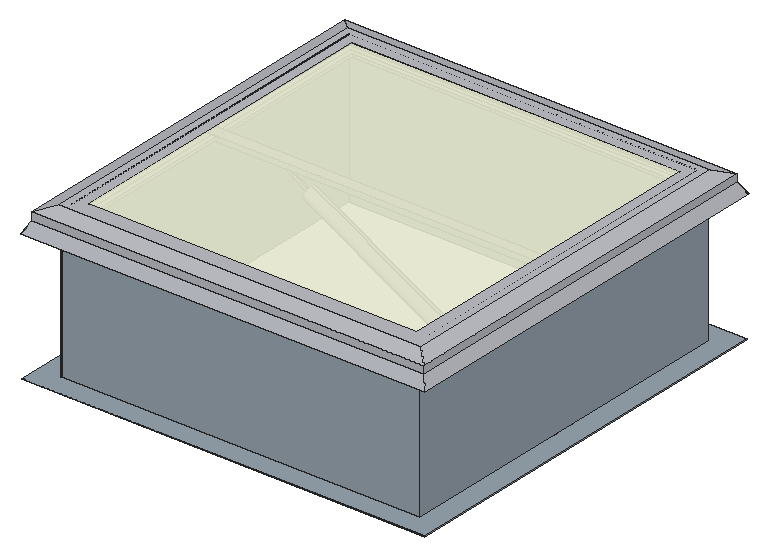
Revit family "Точечный зенитный фонарь (люк) M8CITY_П", category Окна, Revit 2017
Family settings
  Основа = Крыша
  Всегда вертикально = Нет
  При загрузке вырезать с полостями = Нет
  Общий = Нет
  Точка расчета площади = Нет
Parameters (values of type "Зенитный фонарь M8CITY Т-П-pro")
  Электронный адрес Отдела продаж [instance] = "info@m8city.by"  # constant formula
  Ширина проёма ввод = 1300 mm
  Ширина проёма = Width  # 1300 mm
  Width = if(Ширина проёма ввод < 700 mm, 700 mm, if(Ширина проёма ввод > 1700 mm, 1700 mm, Ширина проёма ввод))  # 1300 mm
  Угол открывания [instance] = 0.00°
  Угол начальный [instance] = Угол открывания - 90.00°  # -90.00°
  Телефон [instance] = "+375 17 388 44 32, +7 495 946 99 02"  # constant formula
  СПЛ25 = Купол зенитного фонаря П pro : Сендвич-панель 25 мм
  СП26 = Купол зенитного фонаря П pro : СП 26 мм
  СП24 = Купол зенитного фонаря П pro : СП 24 мм
  Привод [instance] = 3
  ПП20 = Купол зенитного фонаря П pro : ПК прозрачный 20 мм
  ПП16 = Купол зенитного фонаря П pro : ПК прозрачный 16 мм
  ПМ20 = Купол зенитного фонаря П pro : ПК молочный 20 мм
  ПМ16 = Купол зенитного фонаря П pro : ПК молочный 16 мм
  Описание = "Точечный зенитный фонарь (люк) M8CITY pro с алюминиевым обрамлением сложного сечения"  # constant formula
  Купол зенитного фонаря П pro [instance] = 1
  Купол зенитного фонаря [instance] = if(Купол зенитного фонаря П pro = 1, ПМ16, if(Купол зенитного фонаря П pro = 2, ПМ20, if(Купол зенитного фонаря П pro = 3, ПП16, if(Купол зенитного фонаря П pro = 4, ПП20, if(Купол зенитного фонаря П pro = 5, СП24, if(Купол зенитного фонаря П pro = 6, СП26, if(Купол зенитного фонаря П pro = 7, СПЛ25, ПМ16)))))))  # Купол зенитного фонаря П pro : ПК молочный 16 мм
  Изготовитель = "ООО Завод М8 Сити Про"  # constant formula
  Длина проёма ввод = 1300 mm
  Длина проёма = Длина  # 1300 mm
  Длина = if(Длина проёма ввод < 700 mm, 700 mm, if(Длина проёма ввод > 1700 mm, 1700 mm, Длина проёма ввод))  # 1300 mm
  Высота основания = 500 mm
  Height = Высота основания + 73 mm  # 573 mm
  Видимость привода [instance] = and(Привод < 5, not(Привод = 2))  # yes
  Бренд [instance] = "M8CITY"  # constant formula
  URL = "www.m8city.by"
  230В [instance] = and(Привод < 5, or(Привод = 2, Привод = 4))  # no
Reference planes
  plane 1 "По центру (Вперед/Назад)": y = 0
  plane 2 "Крыша": z = 4000
  plane 3 "По центру (Влево/Вправо)": x = 0
  plane 4: x = -650
  plane 5: x = 650
  plane 6: y = 650
  plane 7: y = -650
  plane 8: z = 4152.4
  plane 9: z = 4652.4
  plane 10: z = 4725.4
  plane 11: z = 4622.4
  plane 12: z = 4932.4
  plane 13: x = -655
  plane 14: y = -655
  plane 15: x = 655
  plane 16: y = 655
  plane 17 "Ось петель": z = 4653.4
  plane 18: x = 715
Forms (mm)
  Extrusion 1, solid, material "Сталь", detail levels coarse
    sketch origin (0, 0, 4000) x (1, 0, 0) y (0, 1, 0)
      loop
        line (-655, 655) -> (-655, -655) -> (655, -655) -> (655, 655) -> (-655, 655)
    from 152.4 to 652.4
  Sweep 2, solid, material "Сталь", detail levels medium+fine
    path origin (0, 0, 4000) x (1, 0, 0) y (0, 1, 0)
      loop
        line (-650, 650) -> (-650, -650) -> (650, -650) -> (650, 650) -> (-650, 650)
    profile origin (0, 650, 4000) x (0, 1, 0) y (0, 0, 1)
      loop
        line (0, 152.4) -> (80, 152.4) -> (80, 153.9) -> (1.5, 153.9) -> (1.5, 650.9) -> (63.5, 650.9) -> (63.5, 632.4) -> (65, 632.4) -> (65, 652.4) -> (0, 652.4) -> (0, 152.4)
  Extrusion 3, void, detail levels coarse
    sketch origin (0, 0, 4000) x (1, 0, 0) y (0, 1, 0)
      loop
        line (-650, 650) -> (-650, -650) -> (650, -650) -> (650, 650) -> (-650, 650)
    from 152.4 to 652.4
  Revolve 4, solid, not visible
    sketch origin (0, 0, 4653.4) x (-1, 0, 0) y (0, -1, 0)
      loop
        line (-650, -33.736) -> (-650, 36.264) -> (-670, 36.264) -> (-670, -33.736) -> (-650, -33.736)
      axis (-650, 36.264) -> (-650, -33.736)
    angle from -90 <- "Угол начальный" to 0 <- "Угол открывания"
  Extrusion 5, solid, material "Алюминий", detail levels coarse
    sketch origin (0, 0, 4000) x (1, 0, 0) y (0, 1, 0)
      loop
        line (-730, 730) -> (-730, -730) -> (730, -730) -> (730, 730) -> (-730, 730)
    from 652.4 to 710.721
Cuts and joins
  Extrusion 3 cuts Extrusion 1
  Extrusion 3 cuts Sweep 2
Lines and regions (mm)
  Opening 1
    outline origin (0, 0, 4152.4) x (0, 1, 0) y (-1, 0, 0)
      loop
        line (650, 650) -> (-650, 650) -> (-650, -650) -> (650, -650) -> (650, 650)
Dimensions and locks
  equal spacing: host sketch curve, plane 3 "По центру (Влево/Вправо)", host sketch curve
  equal spacing: host sketch curve, plane 1 "По центру (Вперед/Назад)", host sketch curve
  equal spacing: plane 4, plane 3 "По центру (Влево/Вправо)", plane 5
  equal spacing: plane 6, plane 1 "По центру (Вперед/Назад)", plane 7
  "Ширина проёма": plane 4 to plane 5
  "Длина проёма": plane 6 to plane 7
  "Высота основания": plane 9 to plane 8
  "Height": plane 10 to host roof
  plane 10 to plane 9 = 73 mm
  locked: plane 9 to plane 11 at 30
  locked: plane 12 to plane 9 at 280
  plane 12 to plane 9 = 280 mm
  locked: plane 16 to plane 6 at 5
  locked: plane 5 to plane 15 at 5
  locked: plane 7 to plane 14 at 5
  locked: plane 13 to plane 4 at 5
  locked: plane 4 to nested 1 at 30
  locked: plane 9 to nested 1 at 17.5
  locked: plane 17 "Ось петель" to plane 9 at 1
  locked: plane 15 to plane 18 at 60
  Extrusion 5 sketch curve to plane 4 = 80 mm
  Extrusion 5 sketch curve to plane 6 = 80 mm
  locked: plane 5 to Extrusion 5 sketch curve at 80
  locked: plane 7 to Extrusion 5 sketch curve at 80
  locked: Extrusion 5 to Extrusion 5 at 58.321
  aligned and locked: level to plane 2 "Крыша"
  aligned and locked: plane 8 to host roof
  aligned and locked: Extrusion 1 to plane 8
  aligned and locked: plane 9 to Extrusion 1
  aligned and locked: Opening 1 sketch curve to plane 6
  aligned and locked: Opening 1 sketch curve to plane 5
  aligned and locked: Opening 1 sketch curve to plane 7
  aligned and locked: Opening 1 sketch curve to plane 4
  aligned and locked: Sweep 2 sketch curve to plane 6
  aligned and locked: Sweep 2 sketch curve to plane 5
  aligned and locked: Sweep 2 sketch curve to plane 7
  aligned and locked: Sweep 2 sketch curve to plane 4
  aligned and locked: Sweep 2 to plane 8
  aligned and locked: plane 9 to Sweep 2
  aligned and locked: Extrusion 1 sketch curve to plane 13
  aligned and locked: Extrusion 1 sketch curve to plane 16
  aligned and locked: Extrusion 1 sketch curve to plane 14
  aligned and locked: Extrusion 1 sketch curve to plane 15
  aligned and locked: Extrusion 3 sketch curve to plane 4
  aligned and locked: Extrusion 3 sketch curve to plane 7
  aligned and locked: Extrusion 3 sketch curve to plane 6
  aligned and locked: Extrusion 3 sketch curve to plane 5
  aligned and locked: cut or joined group of Extrusion 1, Extrusion 3 to plane 8
  aligned and locked: plane 9 to cut or joined group of Extrusion 1, Extrusion 3
  aligned and locked: plane 1 "По центру (Вперед/Назад)" to nested 1
  aligned and locked: Revolve 4 sketch curve to host roof
  aligned and locked: plane 3 "По центру (Влево/Вправо)" to nested 2
  aligned and locked: nested 2 to plane 1 "По центру (Вперед/Назад)"
  aligned and locked: nested 2 to plane 8
  aligned and locked: Extrusion 5 to plane 9
  aligned and locked: nested 3 to plane 1 "По центру (Вперед/Назад)"
  aligned and locked: nested 3 to plane 3 "По центру (Влево/Вправо)"
Automatic sketch dimensions
  Revolve 4 sketch curve to plane 5 = 0 mm
  Revolve 4 sketch curve to plane 6 = 0 mm
  Revolve 4 sketch curve to plane 7 = 0 mm
  plane 15 to Revolve 4 sketch curve = 15 mm
  Revolve 4 sketch curve to plane 1 "По центру (Вперед/Назад)" = 33.736 mm
  plane 1 "По центру (Вперед/Назад)" to Revolve 4 sketch curve = 36.264 mm
  Sweep 2 sketch curve to profile plane = 0 mm
  Sweep 2 sketch curve to profile plane = 1.5 mm
  Sweep 2 sketch curve to profile plane = 63.5 mm
  Sweep 2 sketch curve to Sweep 2 sketch curve = 1.5 mm  (x3)
  Sweep 2 sketch curve to Sweep 2 sketch curve = 78.5 mm
  level to Sweep 2 sketch curve = 152.4 mm
  Sweep 2 sketch curve to Sweep 2 sketch curve = 478.5 mm
  Sweep 2 sketch curve to Sweep 2 sketch curve = 18.5 mm
Nested families
  nested 1: "Привод 230В" at (-620, 0, 4564.9), visible <- "230В", type "Привод 230В"
    with Ширина 1300 mm, Длина 1300 mm
  nested 2: "Привод" at (0, 0, 4152.4) x (0, 1, 0) z (0, 0, 1), visible <- "Видимость привода", type "Привод"
    with Ширина 1300 mm, Длина 1300 mm
  nested 3: "Купол зенитного фонаря П pro" at (0, 0, 4653.4) x (-1, 0, 0) z (0, 0, 1), type <- "Купол зенитного фонаря", type "ПК молочный 16 мм", detail levels medium+fine
    with Width 1300 mm, Длина 1300 mm
Definition of nested family "Привод 230В"
  Parameters (values of type "Привод 230В")
    Ширина = 1340 mm
    Длина = 1210.736 mm
  Reference planes
    plane 1 "По центру (Вперед/Назад)": y = 0
    plane 2: z = 0
    plane 3 "По центру (Влево/Вправо)": x = 0
    plane 4: z = 70
    plane 5: z = -615
    plane 6: z = -185
    plane 7: z = 55
    plane 8: z = -20
    plane 9: y = 45
    plane 10: y = -45
    plane 11: x = -850
    plane 12: x = -670
    plane 13: y = 605.368
    plane 14: x = 670
    plane 15: y = -605.368
  Forms (mm)
    Extrusion 1, solid
      sketch origin (0, 0, 0) x (1, 0, 0) y (0, 0, 1)
        loop
          line (0, -20) -> (0, -185) -> (90, -185) -> (90, -65) -> (69.016, -20) -> (0, -20)
      from -45 to 45
    Extrusion 2, solid
      sketch origin (0, 0, 0) x (1, 0, 0) y (0, 0, 1)
        loop
          line (0, -185) -> (0, -410) -> (40, -410) -> (40, -185) -> (0, -185)
      from -20 to 20
    Revolve 3, solid
      sketch origin (0, 0, 0) x (1, 0, 0) y (0, 0, 1)
        loop
          line (65, -185) -> (65, -210) -> (68, -210) -> (68, -200) -> (73, -200) -> (73, -185) -> (65, -185)
        axis (65, -185) -> (65, -210)
      angle from 0 to 360
    Revolve 4, solid
      sketch origin (0, 0, 0) x (1, 0, 0) y (0, 0, 1)
        loop
          line (12.727, 55) -> (12.727, -20) -> (25.454, -20) -> (25.454, 55) -> (12.727, 55)
        axis (12.727, -20) -> (12.727, 55)
      angle from 0 to 360
    Revolve 5, solid
      sketch origin (0, 0, 0) x (1, 0, 0) y (0, 0, 1)
        loop
          line (12.727, 55) -> (15.227, 55) -> (15.227, 70) -> (12.727, 70) -> (12.727, 55)
        axis (12.727, 70) -> (12.727, 55)
      angle from 0 to 360
    Extrusion 6, solid
      sketch origin (0, 0, 0) x (1, 0, 0) y (0, 0, 1)
        loop
          circle (12.727, 0) r 6
      from -20 to 20
  Dimensions and locks
    plane 4 to plane 2 = 70 mm
    locked: plane 2 to plane 6 at 185
    locked: plane 6 to plane 5 at 430
    locked: plane 7 to plane 2 at 55
    locked: plane 2 to plane 8 at 20
    locked: Extrusion 1 sketch curve to Extrusion 1 sketch curve at 90
    locked: plane 1 "По центру (Вперед/Назад)" to plane 9 at 45
    locked: plane 10 to plane 1 "По центру (Вперед/Назад)" at 45
    plane 1 "По центру (Вперед/Назад)" to Extrusion 2 = 20 mm
    Extrusion 2 to plane 1 "По центру (Вперед/Назад)" = 20 mm
    equal spacing: plane 12, plane 3 "По центру (Влево/Вправо)", plane 14
    equal spacing: plane 13, plane 1 "По центру (Вперед/Назад)", plane 15
    "Ширина": plane 12 to plane 14
    "Длина": plane 13 to plane 15
    aligned and locked: level to plane 2
    aligned and locked: Extrusion 2 sketch curve to plane 3 "По центру (Влево/Вправо)"
    aligned and locked: plane 9 to Extrusion 1
    aligned and locked: Extrusion 1 to plane 10
  Automatic sketch dimensions
    Extrusion 1 sketch curve to plane 3 "По центру (Влево/Вправо)" = 0 mm
    Extrusion 1 sketch curve to plane 8 = 0 mm
    Extrusion 1 sketch curve to plane 6 = 0 mm
    Extrusion 1 sketch curve to Extrusion 1 sketch curve = 20.984 mm
    Extrusion 1 sketch curve to plane 8 = 45 mm
    Revolve 3 sketch curve to plane 6 = 0 mm  (x2)
    plane 3 "По центру (Влево/Вправо)" to Revolve 3 sketch curve = 65 mm
    Revolve 3 sketch curve to Revolve 3 sketch curve = 3 mm
    Revolve 3 sketch curve to Revolve 3 sketch curve = 8 mm
    Revolve 3 sketch curve to plane 6 = 15 mm
    Revolve 3 sketch curve to Revolve 3 sketch curve = 10 mm
    Revolve 3 sketch curve to Revolve 3 sketch curve = 0 mm  (x2)
    Revolve 4 sketch curve to plane 7 = 0 mm  (x2)
    Revolve 4 sketch curve to plane 8 = 0 mm  (x2)
    plane 3 "По центру (Влево/Вправо)" to Revolve 4 sketch curve = 12.727 mm
    Revolve 4 sketch curve to Revolve 4 sketch curve = 12.727 mm
    Revolve 4 sketch curve to Revolve 4 sketch curve = 0 mm
    Revolve 5 sketch curve to plane 7 = 0 mm  (x2)
    Revolve 5 sketch curve to plane 4 = 0 mm  (x2)
    plane 3 "По центру (Влево/Вправо)" to Revolve 5 sketch curve = 12.727 mm
    Revolve 5 sketch curve to Revolve 5 sketch curve = 2.5 mm
    Revolve 5 sketch curve to Revolve 5 sketch curve = 0 mm
    Extrusion 6 sketch curve to level = 0 mm
    plane 3 "По центру (Влево/Вправо)" to Extrusion 6 sketch curve = 12.727 mm
    Extrusion 2 sketch curve to plane 6 = 0 mm
    plane 3 "По центру (Влево/Вправо)" to Extrusion 2 sketch curve = 40 mm
    plane 5 to Extrusion 2 sketch curve = 205 mm
    radius of Extrusion 6 sketch curve = 6 mm
Definition of nested family "Привод"
  Parameters (values of type "Привод")
    Ширина = 1200 mm
    Длина = 1700 mm
    Высота = 500 mm
  Reference planes
    plane 1 "По центру (Вперед/Назад)": y = 0
    plane 2: z = 0
    plane 3 "По центру (Влево/Вправо)": x = 0
    plane 4: y = 600
    plane 5: x = -850
    plane 6: x = 850
    plane 7: y = -600
    plane 8: z = 500
  Forms (mm)
    Sweep 1, solid
      path origin (0, 0, 0) x (0, 1, 0) y (0, 0, 1)
        loop
          line (-489.019, 0) -> (223.601, 449.528)
      profile origin (0, -132.709, 224.764) x (0, -0.533528, 0.845783) y (1, 0, 0)
        loop
          circle (0, 0) r 25
    Sweep 2, solid
      path origin (0, 0, 0) x (1, 0, 0) y (0, 1, 0)
        loop
          line (0, 600) -> (0, -600)
      profile origin (0, 0, 0) x (1, 0, 0) y (0, 0, 1)
        loop
          line (-25, 0) -> (-25, 61) -> (-45, 61) -> (-45, 59.5) -> (-26.5, 59.5) -> (-26.5, 1.5) -> (-45, 1.5) -> (-45, 0) -> (-25, 0)
        loop
          line (25, 0) -> (45, 0) -> (45, 1.5) -> (26.5, 1.5) -> (26.5, 59.5) -> (45, 59.5) -> (45, 61) -> (25, 61) -> (25, 0)
    Sweep 3, solid
      path origin (0, 0, 0) x (0, 1, 0) y (0, 0, 1)
        loop
          line (287.205, 489.272) -> (223.601, 449.528)
      profile origin (0, 255.403, 469.4) x (0, 0.529919, -0.848048) y (1, 0, 0)
        loop
          circle (-0.107, -0.041) r 5
  Dimensions and locks
    equal spacing: plane 5, plane 3 "По центру (Влево/Вправо)", plane 6
    "Длина": plane 5 to plane 6
    equal spacing: plane 4, plane 1 "По центру (Вперед/Назад)", plane 7
    "Ширина": plane 4 to plane 7
    "Высота": plane 8 to level
    aligned and locked: level to plane 2
    aligned and locked: Sweep 2 sketch curve to plane 3 "По центру (Влево/Вправо)"
    aligned and locked: Sweep 1 to Sweep 3 sketch curve
  Automatic sketch dimensions
    Sweep 1 sketch curve to plane 3 "По центру (Влево/Вправо)" = 0 mm
    Sweep 1 sketch curve to profile plane = 0 mm
    Sweep 2 sketch curve to plane 7 = 0 mm
    Sweep 2 sketch curve to plane 4 = 0 mm
    Sweep 2 sketch curve to level = 0 mm  (x2)
    profile plane to Sweep 2 sketch curve = 45 mm  (x2)
    level to Sweep 2 sketch curve = 1.5 mm  (x2)
    Sweep 2 sketch curve to Sweep 2 sketch curve = 18.5 mm  (x3)
    Sweep 2 sketch curve to Sweep 2 sketch curve = 1.5 mm  (x4)
    Sweep 2 sketch curve to profile plane = 25 mm
    Sweep 2 sketch curve to Sweep 2 sketch curve = 58 mm
    Sweep 2 sketch curve to Sweep 2 sketch curve = 0 mm
    Sweep 1 sketch curve to level = 0 mm
    plane 7 to Sweep 1 sketch curve = 110.981 mm
    Sweep 1 sketch curve to plane 8 = 50.472 mm
    Sweep 1 sketch curve to plane 4 = 376.399 mm
    Sweep 3 sketch curve to plane 3 "По центру (Влево/Вправо)" = 0.041 mm
    profile plane to Sweep 3 sketch curve = 0.107 mm
    Sweep 3 sketch curve to plane 8 = 50.472 mm
    Sweep 3 sketch curve to plane 8 = 10.728 mm
    Sweep 3 sketch curve to Sweep 3 sketch curve = 63.604 mm
    radius of Sweep 1 sketch curve = 25 mm
    radius of Sweep 3 sketch curve = 5 mm
Definition of nested family "Купол зенитного фонаря П pro"
  Parameters (values of type "ПК прозрачный 20 мм")
    Width = 1500 mm
    Толщина заполнения = 20 mm
    Default Elevation = 1219.2 mm
    Материал заполнения = none
    Длина = 1500 mm
    Analytic Construction = "<Нет>"
  Types (7, lengths in mm): name | Width | Толщина заполнения | Длина
    Сендвич-панель 25 мм | 1600 | 25 | 1400
    СП 24 мм | 1600 | 24 | 1400
    СП 26 мм | 1600 | 26 | 1400
    ПК молочный 16 мм | 1600 | 16 | 1400
    ПК молочный 20 мм | 1600 | 20 | 1400
    ПК прозрачный 16 мм | 1600 | 16 | 1400
    ПК прозрачный 20 мм | 1500 | 20 | 1500
  Reference planes
    plane 1 "По центру (Вперед/Назад)": y = 0
    plane 2: z = 0
    plane 3 "По центру (Влево/Вправо)": x = 0
    plane 4: x = -750
    plane 5: x = 750
    plane 6: y = 750
    plane 7: y = -750
    plane 8: y = 0
  Forms (mm)
    Extrusion 1, solid, detail levels medium+fine
      sketch origin (5, 0, 0) x (1, 0, 0) y (0, 0, 1)
        loop
          line (-696.967, 24.821) -> (-696.967, 6.775) -> (687, 6.775) -> (687, 24.875) -> (727, 24.875) -> (727, 26.875) -> (-736.967, 26.875) -> (-736.967, 24.821) -> (-696.967, 24.821)
      from -20 to 20
    Sweep 2, solid, detail levels medium+fine
      path origin (0, 0, 0) x (1, 0, 0) y (0, 1, 0)
        loop
          line (-750, 750) -> (-750, -750) -> (750, -750) -> (750, 750) -> (-750, 750)
      profile origin (0, 750, 0) x (0, 1, 0) y (0, 0, 1)
        loop
          line (5.467, 57.321) -> (-54.533, 57.321) -> (-54.533, 55.321) -> (-14.533, 55.321) -> (-14.533, 18.321) -> (-42.533, 18.321) -> (-42.533, 24.821) -> (-58.033, 24.821) -> (-58.033, 13.821) -> (-15.033, 13.821) -> (-15.033, -13.179) -> (57.967, -13.179) -> (69.181, -5.326) -> (82.4, -28.221) -> (84.006, -27.294) -> (60.856, 12.803) -> (60.856, 40.803) -> (5.467, 57.321)
    Extrusion 3, solid, material <- "Материал заполнения", detail levels medium+fine
      sketch origin (-0.922, 0, 0) x (1, 0, 0) y (0, 0, 1)
        loop
          line (-729.078, 55.321) -> (-729.078, 26.875) -> (729.586, 26.875) -> (729.586, 55.321) -> (-729.078, 55.321)
      from -730 to 730
  Dimensions and locks
    equal spacing: plane 4, plane 3 "По центру (Влево/Вправо)", plane 5
    equal spacing: plane 6, plane 1 "По центру (Вперед/Назад)", plane 7
    "Width": plane 4 to plane 5
    "Длина": plane 6 to plane 7
    locked: Extrusion 1 to Extrusion 1 at 40
    locked: Sweep 2 to plane 4 at 58.033
    locked: plane 5 to Extrusion 1 sketch curve at 58
    locked: plane 6 to Extrusion 3 at 20
    locked: Extrusion 3 to plane 5 at 21.336
    locked: Extrusion 3 to plane 7 at 20
    locked: plane 4 to Extrusion 3 at 20
    aligned and locked: level to plane 2
    aligned and locked: Sweep 2 sketch curve to plane 6
    aligned and locked: Sweep 2 sketch curve to plane 5
    aligned and locked: Sweep 2 sketch curve to plane 7
    aligned and locked: Sweep 2 sketch curve to plane 4
    aligned and locked: Sweep 2 to Extrusion 1 sketch curve
    aligned and locked: Sweep 2 to Extrusion 3 sketch curve
    aligned and locked: Extrusion 1 to Extrusion 3 sketch curve
  Automatic sketch dimensions
    profile plane to Sweep 2 sketch curve = 58.033 mm
    profile plane to Sweep 2 sketch curve = 54.533 mm
    profile plane to Sweep 2 sketch curve = 42.533 mm
    profile plane to Sweep 2 sketch curve = 15.033 mm
    Sweep 2 sketch curve to Sweep 2 sketch curve = 0.5 mm
    Sweep 2 sketch curve to level = 13.179 mm
    Sweep 2 sketch curve to Sweep 2 sketch curve = 73 mm
    level to Sweep 2 sketch curve = 12.803 mm
    Sweep 2 sketch curve to Sweep 2 sketch curve = 2.889 mm
    Sweep 2 sketch curve to level = 5.326 mm
    Sweep 2 sketch curve to Sweep 2 sketch curve = 11.215 mm
    Sweep 2 sketch curve to level = 28.221 mm
    Sweep 2 sketch curve to Sweep 2 sketch curve = 13.219 mm
    level to Sweep 2 sketch curve = 13.821 mm
    Sweep 2 sketch curve to Sweep 2 sketch curve = 4.5 mm
    Sweep 2 sketch curve to Sweep 2 sketch curve = 6.5 mm
    Sweep 2 sketch curve to Sweep 2 sketch curve = 30.5 mm
    Sweep 2 sketch curve to Sweep 2 sketch curve = 2 mm
    Sweep 2 sketch curve to Sweep 2 sketch curve = 20 mm
    level to Sweep 2 sketch curve = 40.803 mm
    level to Extrusion 1 sketch curve = 6.775 mm
    plane 4 to Extrusion 1 sketch curve = 58.033 mm
    plane 4 to Extrusion 1 sketch curve = 18.033 mm
    Extrusion 1 sketch curve to Extrusion 1 sketch curve = 18.1 mm
    Extrusion 1 sketch curve to Extrusion 1 sketch curve = 2.054 mm
    Extrusion 1 sketch curve to plane 5 = 18 mm
    plane 4 to Extrusion 3 sketch curve = 20 mm
    Extrusion 3 sketch curve to plane 5 = 21.336 mm
